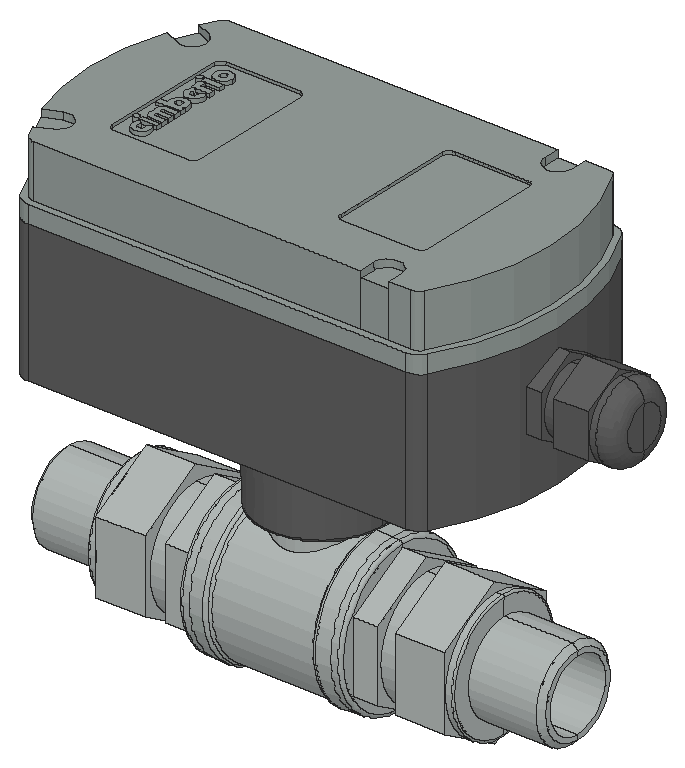
Revit family "QD31000000", category Apparecchi idraulici, Revit 2020
Family settings
  Quota connettore circolare = Usa diametro
  Tipo di parte = Normale
  Numero OmniClass = 23.45.00.00
  Titolo OmniClass = Sanitary, Laundry, and Cleaning Equipment
  Basato su piano di lavoro = No
  Sempre verticale = Sì
  Taglio con vuoti quando caricato = No
  Condiviso = No
  Punto di calcolo locali = No
Parameters
  URL = "https://web.cimberio.it/index.php/figura/612?subcategoria_id=74926"
  Temperatura di esercizio = "-20 ÷ 150°C"
  Prospetto di default = 0 mm
  Produttore = "CIMBERIO SPA"
  Pressione nominale = "PN 64 (3/4\" ÷ 1\")"
  Modello = "Cim 700"
  Materiale = "Prodotto in lega di ottone conforme alla norma EN 12165-CW617N-DW"
  Descrizione = "Utilizzato nei più svariati settori dell'impiantistica: impianti di riscaldamento, condizionamento, idrici, igienico-sanitari, aria compressa e in generale con ogni fluido non corrosivo.\r\nParticolarmente indicato come valvola di zona per la regolazione e contabilizzazione di impianti di riscaldamento singoli o a zone, impianti con utilizzazione di energie alternative, impianti con fluidi caldi o freddi e impianti di automazione in genere"
  DN Model [instance] = QD31001020 : QD31001020
  DN [instance] = 20 mm
  Commenti sul tipo = "Realizzato in ottemperanza ai requisiti gestionali della norma EN ISO 9001.\r\nCollaudato al 100% secondo la normativa EN 12266-1"
Reference planes
  plane 1 "Centro (Fronte/Retro)": y = 0
  plane 2: z = 0
  plane 3 "Centro (Sinistra/Destra)": x = 0
Dimensions and locks
  aligned and locked: level to plane 2
Nested families
  nested 1: "QD31001020" at (0, 0, 0), type <- "DN Model", type "QD31001020"
  nested 2: "QD31001020" at (0, 0, 0), type <- "DN Model", type "QD31001020"
Connectors
  piping at (73.1, 0, 0), diameter 20, driven by "DN"
    settings: on nested 1, index 1, connector inside diameter 609.6 mm, connector length 0 mm, flow factor 0, pipe flow 0.0 L/s, pressure drop 0.0 Pa, fitting loss kfactor 0, connector angle 0.00°, fixture units 0, engagement length 0 mm, angle of deflection 0.00°, flow configuration 0, flow direction 0, fitting loss method 0, system type 7, joint type 0, gender type 0, connector reference index -1, connector utility 0, adjustable connector no, is connector primary yes, connector description ""
  piping at (-73.1, 0, 0), diameter 20, driven by "DN"
    settings: on nested 1, index 2, connector inside diameter 609.6 mm, connector length 0 mm, flow factor 0, pipe flow 0.0 L/s, pressure drop 0.0 Pa, fitting loss kfactor 0, connector angle 0.00°, fixture units 0, engagement length 0 mm, angle of deflection 0.00°, flow configuration 0, flow direction 0, fitting loss method 0, system type 7, joint type 0, gender type 0, connector reference index -1, connector utility 0, adjustable connector no, is connector primary no, connector description ""
Definition of nested family "QD31001020"
  Parameters (values of type "QD31001020")
    URL = "https://web.cimberio.it/index.php/figura/394?subcategoria_id="
    Temperatura di esercizio = "-10 ÷ 95°C"
    Default Elevation = 0 mm
    Manufacturer = "CIMBERIO SPA"
    Pressione nominale = "PN 16"
    Model = "Cim 32"
    Materiale = "Prodotto in lega di ottone conforme alla norma EN 12165-CW617N-DW"
    Description = "Impiegato nei più svariati settori dell'impiantistica in condutture anti-ritorno per: reti di distribuzione acqua potabile, impianti di riscaldamento, condizionamento, igienico-sanitari e in generale con ogni fluido non corrosivo."
    DN [instance] = 50 mm
    Type Comments = "Realizzato in ottemperanza ai requisiti gestionali della norma EN ISO 9001.\r\nCollaudato al 100% secondo la normativa EN 12266-1"
  Reference planes
    plane 1 "Centro (Fronte/Retro)": y = 0
    plane 2: z = 0
    plane 3 "Centro (Sinistra/Destra)": x = 0
  Forms (mm)
    Revolve 1, solid
      sketch origin (0, 0, 0) x (1, 0, 0) y (0, 0, 1)
        loop
          line (-23.1, 10) -> (23.1, 10) -> (23.1, 20.75)
          arc (23.1, 20.75) -> (22.808, 21.457) -> (22.101, 21.75) r 1
          line (22.101, 21.75) -> (20.1, 21.75) -> (16, 22)
          arc (16, 22) -> (15.408, 21.857) -> (14.998, 21.407) r 1.038
          arc (14.998, 21.407) -> (14.739, 21.082) -> (14.361, 20.909) r 0.898
          line (14.361, 20.909) -> (-14.361, 20.909)
          arc (-14.361, 20.909) -> (-14.739, 21.082) -> (-14.998, 21.407) r 0.898
          arc (-14.998, 21.407) -> (-15.408, 21.857) -> (-16, 22) r 1.038
          line (-16, 22) -> (-20.1, 21.75) -> (-22.101, 21.75)
          arc (-22.101, 21.75) -> (-22.808, 21.457) -> (-23.1, 20.75) r 1
          line (-23.1, 20.75) -> (-23.1, 10)
        axis (-23.1, 0) -> (23.1, 0)
      angle from 0 to 360
    Extrusion 2, solid
      sketch origin (0, 0, 0) x (0, 1, 0) y (0, 0, 1)
        loop
          circle (0, 0) r 10
        loop
          line (0, 20.2) -> (-17.494, 10.1) -> (-17.494, -10.1) -> (0, -20.2) -> (17.494, -10.1) -> (17.494, 10.1) -> (0, 20.2)
      from -30.1 to -22.1
    Revolve 3, solid
      sketch origin (0, 0, 0) x (1, 0, 0) y (0, 0, 1)
        loop
          line (-30.1, 16.575) -> (-35.6, 16.575) -> (-35.6, 10) -> (-30.1, 10) -> (-30.1, 16.575)
        axis (-35.6, 0) -> (-30.1, 0)
      angle from 0 to 360
    Extrusion 4, solid
      sketch origin (0, 0, 0) x (0, 1, 0) y (0, 0, 1)
        loop
          circle (0, 0) r 10
        loop
          line (0, 20.75) -> (-17.97, 10.375) -> (-17.97, -10.375) -> (0, -20.75) -> (17.97, -10.375) -> (17.97, 10.375) -> (0, 20.75)
      from -49.6 to -35.6
    Revolve 5, solid
      sketch origin (0, 0, 0) x (1, 0, 0) y (0, 0, 1)
        loop
          arc (-51.601, 18) -> (-51.954, 17.853) -> (-52.1, 17.499) r 0.5
          line (-52.1, 17.499) -> (-52.1, 10) -> (-49.6, 10) -> (-49.6, 18) -> (-51.601, 18)
        axis (-52.1, 0) -> (-49.6, 0)
      angle from 0 to 360
    Revolve 6, solid
      sketch origin (0, 0, 0) x (1, 0, 0) y (0, 0, 1)
        loop
          line (-52.1, 12.9) -> (-71.6, 12.9) -> (-73.1, 11.4) -> (-73.1, 10) -> (-52.1, 10) -> (-52.1, 12.9)
        axis (-73.1, 0) -> (-52.1, 0)
      angle from 0 to 360
    Extrusion 7, solid
      sketch origin (0, 0, 0) x (0, 1, 0) y (0, 0, -1)
        loop
          circle (0, 0) r 10
        loop
          line (0, -20.2) -> (17.494, -10.1) -> (17.494, 10.1) -> (0, 20.2) -> (-17.494, 10.1) -> (-17.494, -10.1) -> (0, -20.2)
      from -30.1 to -22.1
    Revolve 8, solid
      sketch origin (0, 0, 0) x (-1, 0, 0) y (0, 0, 1)
        loop
          line (-30.1, 16.575) -> (-35.6, 16.575) -> (-35.6, 10) -> (-30.1, 10) -> (-30.1, 16.575)
        axis (-35.6, 0) -> (-30.1, 0)
      angle from 0 to 360
    Extrusion 9, solid
      sketch origin (0, 0, 0) x (0, 1, 0) y (0, 0, -1)
        loop
          circle (0, 0) r 10
        loop
          line (0, -20.75) -> (17.97, -10.375) -> (17.97, 10.375) -> (0, 20.75) -> (-17.97, 10.375) -> (-17.97, -10.375) -> (0, -20.75)
      from -49.6 to -35.6
    Revolve 10, solid
      sketch origin (0, 0, 0) x (-1, 0, 0) y (0, 0, 1)
        loop
          arc (-51.601, 18) -> (-51.954, 17.853) -> (-52.1, 17.499) r 0.5
          line (-52.1, 17.499) -> (-52.1, 10) -> (-49.6, 10) -> (-49.6, 18) -> (-51.601, 18)
        axis (-52.1, 0) -> (-49.6, 0)
      angle from 0 to 360
    Revolve 11, solid
      sketch origin (0, 0, 0) x (-1, 0, 0) y (0, 0, 1)
        loop
          line (-52.1, 12.9) -> (-71.6, 12.9) -> (-73.1, 11.4) -> (-73.1, 10) -> (-52.1, 10) -> (-52.1, 12.9)
        axis (-73.1, 0) -> (-52.1, 0)
      angle from 0 to 360
    Revolve 12, solid
      sketch origin (0, 0, 0) x (1, 0, 0) y (0, 0, 1)
        loop
          line (11.504, 21.487) -> (11.504, 37.805) -> (0, 37.805) -> (0, 13.864) -> (12.31, 13.864) -> (12.31, 20.681)
          arc (12.31, 20.681) -> (11.74, 20.917) -> (11.504, 21.487) r 0.806
        axis (0, 37.805) -> (0, 13.864)
      angle from 0 to 360
    Extrusion 13, solid
      sketch origin (0, 0, 0) x (1, 0, 0) y (0, 0, 1)
        loop
          line (-16, 34.091) -> (-16, 17.197) -> (-11, 17.197) -> (-11, 34.091) -> (-16, 34.091)
      from -0.812 to 0.713
    Revolve 14, solid
      sketch origin (0, 0, 0) x (1, 0, 0) y (0, 0, 1)
        loop
          line (0, 51.8) -> (0, 36.671) -> (3.652, 36.671) -> (3.652, 23.3) -> (16.983, 23.3)
          arc (16.983, 23.3) -> (17.427, 23.419) -> (17.69, 23.796) r 0.672
          line (17.69, 23.796) -> (17.955, 46.8) -> (19, 46.8)
          arc (19, 46.8) -> (19.707, 47.093) -> (20, 47.8) r 1
          line (20, 47.8) -> (20, 51.8) -> (0, 51.8)
        axis (0, 51.8) -> (0, 23.3)
      angle from 0 to 360
    Extrusion 15, solid
      sketch origin (0, 0, 0) x (1, 0, 0) y (0, 1, 0)
        loop
          arc (-53.687, 37) -> (-56.156, 36.347) -> (-57.982, 34.56) r 5
          arc (-57.982, 34.56) -> (-67.5, 0) -> (-57.982, -34.56) r 67.5
          arc (-57.982, -34.56) -> (-56.156, -36.347) -> (-53.687, -37) r 5
          line (-53.687, -37) -> (53.687, -37)
          arc (53.687, -37) -> (56.156, -36.347) -> (57.982, -34.56) r 5
          arc (57.982, -34.56) -> (67.5, 0) -> (57.982, 34.56) r 67.5
          arc (57.982, 34.56) -> (56.156, 36.347) -> (53.687, 37) r 5
          line (53.687, 37) -> (-53.687, 37)
      from 51.8 to 91.8
    Extrusion 16, solid
      sketch origin (0, 0, 40) x (1, 0, 0) y (0, 1, 0)
        loop
          arc (-53.687, 37) -> (-56.156, 36.347) -> (-57.982, 34.56) r 5
          arc (-57.982, 34.56) -> (-67.5, 0) -> (-57.982, -34.56) r 67.5
          arc (-57.982, -34.56) -> (-56.156, -36.347) -> (-53.687, -37) r 5
          line (-53.687, -37) -> (53.687, -37)
          arc (53.687, -37) -> (56.156, -36.347) -> (57.982, -34.56) r 5
          arc (57.982, -34.56) -> (67.5, 0) -> (57.982, 34.56) r 67.5
          arc (57.982, 34.56) -> (56.156, 36.347) -> (53.687, 37) r 5
          line (53.687, 37) -> (-53.687, 37)
      from 51.8 to 56.8
    Extrusion 17, solid
      sketch origin (0, 0, 0) x (1, 0, 0) y (0, 1, 0)
        loop
          arc (-53.687, 35) -> (-55.168, 34.608) -> (-56.264, 33.536) r 3
          arc (-56.264, 33.536) -> (-57.395, 31.561) -> (-58.457, 29.547) r 65.5
          arc (-58.457, 29.547) -> (-60.152, 25.922) -> (-61.623, 22.2) r 65.5
          arc (-61.623, 22.2) -> (-65.5, 0) -> (-61.623, -22.2) r 65.5
          arc (-61.623, -22.2) -> (-60.152, -25.922) -> (-58.457, -29.547) r 65.5
          arc (-58.457, -29.547) -> (-57.395, -31.561) -> (-56.264, -33.536) r 65.5
          arc (-56.264, -33.536) -> (-55.168, -34.608) -> (-53.687, -35) r 3
          line (-53.687, -35) -> (39.293, -35) -> (47.293, -35) -> (53.687, -35)
          arc (53.687, -35) -> (55.168, -34.608) -> (56.264, -33.536) r 3
          arc (56.264, -33.536) -> (65.5, 0) -> (56.264, 33.536) r 65.5
          arc (56.264, 33.536) -> (55.168, 34.608) -> (53.687, 35) r 3
          line (53.687, 35) -> (47.293, 35) -> (39.293, 35) -> (-53.687, 35)
      from 96.8 to 111.8
    Extrusion 18, solid
      sketch origin (0, 0, 74.844) x (0, 1, 0) y (0, 0, 1)
        loop
          line (0, 11.95) -> (-10.349, 5.975) -> (-10.349, -5.975) -> (0, -11.95) -> (10.349, -5.975) -> (10.349, 5.975) -> (0, 11.95)
      from 53.687 to 71
    Revolve 19, solid
      sketch origin (0, 0, 0) x (1, 0, 0) y (0, 0, 1)
        loop
          line (71, 84.3) -> (71, 79.687) -> (75, 79.687) -> (75, 84.3) -> (71, 84.3)
        axis (71, 74.844) -> (75, 74.844)
      angle from 0 to 360
    Extrusion 20, solid
      sketch origin (0, 0, 0) x (0, 1, 0) y (0, 0, 1)
        loop
          line (0, 87.344) -> (-10.825, 81.094) -> (-10.825, 68.594) -> (0, 62.344) -> (10.825, 68.594) -> (10.825, 81.094) -> (0, 87.344)
      from 75 to 85
    Revolve 21, solid
      sketch origin (0, 0, 0) x (1, 0, 0) y (0, 0, 1)
        loop
          line (92, 74.844) -> (92, 80.8)
          arc (92, 80.8) -> (90.535, 84.336) -> (86.998, 85.8) r 5
          line (86.998, 85.8) -> (85, 85.8) -> (85, 74.844) -> (92, 74.844)
        axis (85, 74.844) -> (92, 74.844)
      angle from 0 to 360
    Extrusion 22, void
      sketch origin (0, 0, 0) x (1, 0, 0) y (0, 1, 0)
        loop
          arc (-57.295, 20.329) -> (-52.036, 22.412) -> (-54.12, 27.671) r 4
          line (-54.12, 27.671) -> (-59.289, 29.907) -> (-62.465, 22.564) -> (-57.295, 20.329)
        loop
          arc (-54.12, -27.671) -> (-52.036, -22.412) -> (-57.295, -20.329) r 4
          line (-57.295, -20.329) -> (-62.083, -22.399) -> (-58.908, -29.742) -> (-54.12, -27.671)
        loop
          arc (39.293, 30.5) -> (43.293, 26.5) -> (47.293, 30.5) r 4
          line (47.293, 30.5) -> (47.293, 35.946) -> (39.293, 35.946) -> (39.293, 30.5)
        loop
          line (39.293, -30.43) -> (39.293, -35) -> (47.293, -35) -> (47.293, -30.5)
          arc (47.293, -30.5) -> (43.293, -26.5) -> (39.293, -30.5) r 4
      from 109.8 to 117.274
    Extrusion 23, void
      sketch origin (0, 0, 0) x (1, 0, 0) y (0, 1, 0)
        loop
          line (-21.999, 20) -> (-43.001, 20)
          arc (-43.001, 20) -> (-44.415, 19.414) -> (-45, 18) r 2
          line (-45, 18) -> (-45, -18)
          arc (-45, -18) -> (-44.414, -19.415) -> (-42.999, -20) r 2
          line (-42.999, -20) -> (-21.999, -20)
          arc (-21.999, -20) -> (-20.585, -19.414) -> (-20, -18) r 2
          line (-20, -18) -> (-20, 18)
          arc (-20, 18) -> (-20.585, 19.414) -> (-21.999, 20) r 2
        loop
          arc (22.001, 20) -> (20.586, 19.415) -> (20, 18) r 2
          line (20, 18) -> (20, -18)
          arc (20, -18) -> (20.586, -19.415) -> (22.001, -20) r 2
          line (22.001, -20) -> (43.001, -20)
          arc (43.001, -20) -> (44.415, -19.414) -> (45, -18) r 2
          line (45, -18) -> (45, 18)
          arc (45, 18) -> (44.415, 19.414) -> (43.001, 20) r 2
          line (43.001, 20) -> (22.001, 20)
      from 111.039 to 121
    Extrusion 24, solid
      sketch origin (0, 0, 111.039) x (1, 0, 0) y (0, 1, 0)
        loop
          arc (-41.222, -13.089) -> (-39.283, -17.248) -> (-37.344, -13.089) r 2.531
          line (-37.344, -13.089) -> (-38.507, -14.066)
          arc (-38.507, -14.066) -> (-39.283, -15.729) -> (-40.058, -14.066) r 1.013
          line (-40.058, -14.066) -> (-41.222, -13.089)
        loop
          line (-36.751, -12.583) -> (-36.751, -11.064) -> (-41.814, -11.064) -> (-41.814, -12.583) -> (-36.751, -12.583)
        loop
          circle (-43.08, -11.824) r 0.861
        loop
          line (-36.751, -9.039) -> (-39.89, -9.039)
          arc (-39.89, -9.039) -> (-40.295, -8.634) -> (-39.89, -8.229) r 0.405
          line (-39.89, -8.229) -> (-36.751, -8.229) -> (-36.751, -6.711) -> (-39.89, -6.711)
          arc (-39.89, -6.711) -> (-40.295, -6.306) -> (-39.89, -5.901) r 0.405
          line (-39.89, -5.901) -> (-36.751, -5.901) -> (-36.751, -4.382) -> (-39.89, -4.382)
          arc (-39.89, -4.382) -> (-41.614, -5.451) -> (-41.422, -7.47) r 1.924
          arc (-41.422, -7.47) -> (-41.614, -9.489) -> (-39.89, -10.558) r 1.924
          line (-39.89, -10.558) -> (-36.751, -10.558) -> (-36.751, -9.039)
        loop
          line (-43.839, -3.876) -> (-36.751, -3.876) -> (-36.751, -2.357) -> (-37.544, -2.357) -> (-36.841, -2.013)
          arc (-36.841, -2.013) -> (-39.465, 1.18) -> (-41.603, -2.357) r 2.531
          line (-41.603, -2.357) -> (-43.839, -2.357) -> (-43.839, -3.876)
        loop
          circle (-39.283, -1.344) r 1.012
        loop
          arc (-41.013, 6.072) -> (-39.435, 1.698) -> (-37.344, 5.851) r 2.531
          line (-37.344, 5.851) -> (-38.507, 4.875)
          arc (-38.507, 4.875) -> (-38.282, 4.378) -> (-38.348, 3.836) r 1.013
          line (-38.348, 3.836) -> (-41.013, 6.072)
        loop
          line (-38.738, 3.371) -> (-40.218, 4.612)
          arc (-40.218, 4.612) -> (-39.934, 3.449) -> (-38.738, 3.371) r 1.013
        loop
          line (-36.751, 6.358) -> (-36.751, 7.876) -> (-40.426, 7.876)
          arc (-40.426, 7.876) -> (-41.131, 9.395) -> (-41.814, 7.867) r 0.92
          line (-41.814, 7.867) -> (-41.814, 6.358) -> (-36.751, 6.358)
        loop
          line (-36.751, 9.901) -> (-36.751, 11.42) -> (-41.814, 11.42) -> (-41.814, 9.901) -> (-36.751, 9.901)
        loop
          circle (-43.08, 10.661) r 0.861
        loop
          circle (-39.283, 14.458) r 2.531
        loop
          circle (-39.283, 14.458) r 1.012
      from 0 to 1
  Cuts and joins
    Extrusion 22 cuts Extrusion 15
    Extrusion 22 cuts Extrusion 16
    Extrusion 22, Extrusion 23 cuts Extrusion 17
  Dimensions and locks
    aligned and locked: level to plane 2
    aligned and locked: Extrusion 24 sketch curve to import instance
